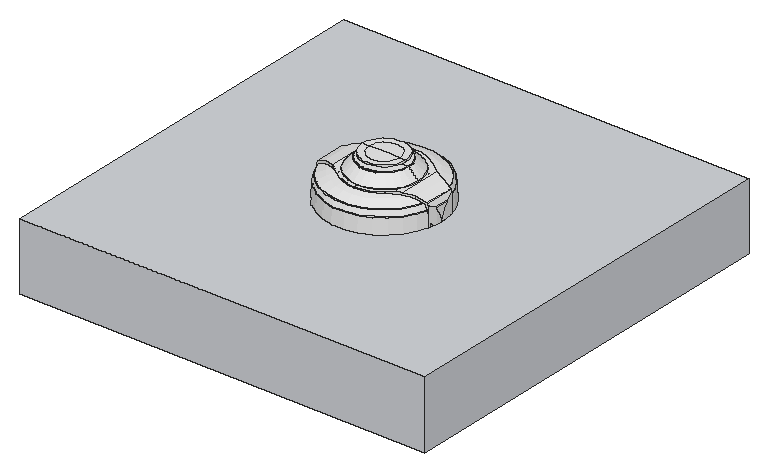
Revit family "B200S-LF-IV.BIM", category Fire Alarm Devices, host Face, Revit 2020
Family settings
  Host = Face
  Maintain Annotation Orientation = Yes
  Round Connector Dimension = Use Diameter
  Part Type = Normal
  OmniClass Number = 23.85.30.21
  OmniClass Title = Environmental Detection/Registration
  Cut with Voids When Loaded = No
  Shared = No
  Room Calculation Point = No
Parameters (values of type "Detector_with_Low_Freq_Sync_Sounder_Base_White")
  Wall Mounted [instance] = no
  URL = "www.firelite.com"
  Standard_Wall [instance] = and(Wall Mounted, Standard Base)  # no
  Standard_Ceiling [instance] = and(Ceiling Mounted, Standard Base)  # no
  Standard Base = no
  Speciality_Ceiling [instance] = and(Ceiling Mounted, Specality Base)  # yes
  Specality_Wall [instance] = and(Wall Mounted, Specality Base)  # no
  Specality Base = yes
  Puck_Wall [instance] = and(Wall Mounted, Puck Base)  # no
  Puck_Ceiling [instance] = and(Ceiling Mounted, Puck Base)  # no
  Puck Base = no
  Mounting Requirements = "Standard 4 inch square, 4 inch octagonal, or single gang electrical box."
  Model = "B200S-LF-IV"
  Manufacturer = "Fire Lite"  # constant formula
  Main Electrical Connection = "Signaling Line Circuit"  # constant formula
  Height = if(Specality Base, 0' 2 9/16", 0' 1 11/16")  # 0' - 2 9/16"
  Finish = Plastic_FireLite_White
  Diameter = if(Puck Base, 0' 4", if(Standard Base, 0' 6", 0' 6 7/8"))  # 0' - 6 7/8"
  Detector Type = "P-CO"  # constant formula
  Description = "Intelligent Plug-In Photo-CO Detector / Low Freq Sounder Base"
  Default Elevation = 6' - 8"
  Ceiling Mounted [instance] = not(Wall Mounted)  # yes
  Base Thickness = if(Specality Base, 0' 1 11/16", 0' 0 7/8")  # 0' - 1 11/16"
  Base Select = DetectorBase-Select_Series : Speciality Base
  Base Label = "LF"
  Assembly Code = "D5030700"
  Agency Listing = "UL"  # constant formula
Reference planes (in)
  plane 1 "Center (Front/Back)": y = 0
  plane 2: z = 0
  plane 3 "Center (Left/Right)": x = 0
  plane 4 "Base Depth": z = 1.6875
  plane 5: x = 0
Forms (in)
  Extrusion 1, solid
    sketch origin (24, -6.72932, 0) x (1, 0, 0) y (0, 1, 0)
      loop
        line (-36, 18.72932) -> (-36, -5.27068) -> (-12, -5.27068) -> (-12, 18.72932) -> (-36, 18.72932)
    from 0 to -4
Lines and regions (in)
  Masking region 1, visible <- "Wall Mounted"
    outline origin (-5.53202, -3.47829, 0) x (1, 0, 0) y (0, 1, 0)
      loop
        circle (5.53047, 3.47791) r 2.11075
  Masking region 2, visible <- "Wall Mounted", not visible
    outline origin (0, 0, 0) x (1, 0, 0) y (0, 1, 0)
      loop
        circle (5.53047, 3.47791) r 2.11075
  Masking region 3, visible <- "Standard_Ceiling"
    outline origin (-15.46141, 0, -26.39682) x (1, 0, 0) y (0, 0, 1)
      loop
        line (18.5344, 26.39682) -> (18.5344, 26.50119) -> (17.48216, 27.19351) -> (16.92543, 27.75024) -> (16.74554, 28.06183) -> (14.18447, 28.06183) -> (14.00507, 27.75122) -> (13.45804, 27.2042) -> (12.38841, 26.50119) -> (12.38841, 26.39682) -> (18.5344, 26.39682)
  Masking region 4, visible <- "Standard Base"
    outline origin (0, -12, 0) x (0, 1, 0) y (0, 0, 1)
      loop
        line (8.927, 0) -> (15.073, 0) -> (15.073, 0.10437) -> (14.05174, 0.7967) -> (13.45781, 1.39064) -> (13.27694, 1.66501) -> (10.72306, 1.66501) -> (10.5633, 1.37724) -> (9.99344, 0.80738) -> (8.927, 0.10437) -> (8.927, 0)
  Masking region 5, visible <- "Standard Base", not visible
    outline origin (0, 0, 0) x (0, 1, 0) y (0, 0, 1)
      loop
        line (8.927, 0) -> (15.073, 0) -> (15.073, 0.10437) -> (14.05174, 0.7967) -> (13.45781, 1.39064) -> (13.27694, 1.66501) -> (10.72306, 1.66501) -> (10.5633, 1.37724) -> (9.99344, 0.80738) -> (8.927, 0.10437) -> (8.927, 0)
  Masking region 6, visible <- "Standard_Wall"
    outline origin (0, 0, 0) x (1, 0, 0) y (0, 1, 0)
      loop
        circle (-0.00155, -0.00039) r 3.0741
  Masking region 7, visible <- "Specality_Wall"
    outline origin (0, 0, 0) x (1, 0, 0) y (0, 1, 0)
      loop
        circle (-0.00155, -0.00039) r 3.42775
  Masking region 8, visible <- "Specality Base"
    outline origin (0, 27.45036, -32.86568) x (0, 1, 0) y (0, 0, 1)
      loop
        line (-24.04835, 32.86568) -> (-24.04835, 33.8153) -> (-24.22768, 34.12578) -> (-24.67998, 34.36368) -> (-25.447, 34.52671) -> (-25.99402, 35.07374) -> (-26.17342, 35.38434) -> (-28.76187, 35.38434) -> (-28.88706, 35.09658) -> (-29.45692, 34.52671) -> (-30.22074, 34.32282) -> (-30.69819, 34.09707) -> (-30.82078, 33.8153) -> (-30.88035, 32.86568) -> (-24.04835, 32.86568)
  Masking region 9, visible <- "Specality Base", not visible
    outline origin (0, 0, 0) x (0, 1, 0) y (0, 0, 1)
      loop
        line (-24.04835, 32.86568) -> (-24.04835, 33.8153) -> (-24.22768, 34.12578) -> (-24.67998, 34.36368) -> (-25.447, 34.52671) -> (-25.99402, 35.07374) -> (-26.17342, 35.38434) -> (-28.76187, 35.38434) -> (-28.88706, 35.09658) -> (-29.45692, 34.52671) -> (-30.22074, 34.32282) -> (-30.69819, 34.09707) -> (-30.82078, 33.8153) -> (-30.88035, 32.86568) -> (-24.04835, 32.86568)
  Masking region 10, visible <- "Speciality_Ceiling"
    outline origin (-12.15283, 0, -40.72634) x (1, 0, 0) y (0, 0, 1)
      loop
        line (15.58124, 40.72775) -> (15.52167, 41.67737) -> (15.39908, 41.95915) -> (14.71166, 42.25094) -> (14.27096, 42.34263) -> (14.15781, 42.38878) -> (13.42819, 43.24641) -> (10.87432, 43.24641) -> (10.14469, 42.38878) -> (9.97762, 42.33469) -> (9.38087, 42.18489) -> (8.88102, 41.9796) -> (8.77242, 41.62224) -> (8.72127, 40.72775) -> (15.58124, 40.72775)
  Masking region 11, visible <- "Speciality_Ceiling", not visible
    outline origin (0, 0, 0) x (1, 0, 0) y (0, 0, 1)
      loop
        line (15.58124, 40.72775) -> (15.52167, 41.67737) -> (15.39908, 41.95915) -> (14.71166, 42.25094) -> (14.27096, 42.34263) -> (14.15781, 42.38878) -> (13.42819, 43.24641) -> (10.87432, 43.24641) -> (10.14469, 42.38878) -> (9.97762, 42.33469) -> (9.38087, 42.18489) -> (8.88102, 41.9796) -> (8.77242, 41.62224) -> (8.72127, 40.72775) -> (15.58124, 40.72775)
  Masking region 12, visible <- "Puck Base"
    outline origin (0, -7.69624, 0.00261) x (0, 1, 0) y (0, 0, 1)
      loop
        line (5.67769, 0) -> (9.68761, 0) -> (9.68761, 0.82534) -> (9.14058, 1.37236) -> (8.96118, 1.68297) -> (6.40731, 1.68297) -> (6.24755, 1.3952) -> (5.67769, 0.82534) -> (5.67769, 0)
  Masking region 13, visible <- "Puck Base", not visible
    outline origin (0, 0, 0) x (0, 1, 0) y (0, 0, 1)
      loop
        line (5.67769, 0) -> (9.68761, 0) -> (9.68761, 0.82534) -> (9.14058, 1.37236) -> (8.96118, 1.68297) -> (6.40731, 1.68297) -> (6.24755, 1.3952) -> (5.67769, 0.82534) -> (5.67769, 0)
  Masking region 14, visible <- "Puck_Ceiling"
    outline origin (7.40824, 0, -0.80829) x (1, 0, 0) y (0, 0, 1)
      loop
        line (-5.40168, 0.80829) -> (-5.40168, 1.63642) -> (-5.94776, 2.18249) -> (-6.00405, 2.18249) -> (-6.00405, 2.21689) -> (-7.13967, 2.21689) -> (-7.13967, 2.41176) -> (-6.13131, 2.41176) -> (-6.13131, 2.49405) -> (-6.54202, 2.49405) -> (-7.15621, 2.51785) -> (-7.72665, 2.51785) -> (-8.30672, 2.49405) -> (-8.68518, 2.49405) -> (-8.68518, 2.41176) -> (-7.67681, 2.41176) -> (-7.67681, 2.21689) -> (-8.81353, 2.21689) -> (-8.81353, 2.18344) -> (-8.86458, 2.18344) -> (-9.4116, 1.63642) -> (-9.4116, 0.80829) -> (-5.40168, 0.80829)
  Masking region 15, visible <- "Puck_Ceiling", not visible
    outline origin (0, 0, -0.82392) x (1, 0, 0) y (0, 0, 1)
      loop
        line (-5.40168, 0.80829) -> (-5.40168, 1.63642) -> (-5.94776, 2.18249) -> (-6.00405, 2.18249) -> (-6.00405, 2.21689) -> (-7.13967, 2.21689) -> (-7.13967, 2.41176) -> (-6.13131, 2.41176) -> (-6.13131, 2.49405) -> (-6.54202, 2.49405) -> (-7.15621, 2.51785) -> (-7.72665, 2.51785) -> (-8.30672, 2.49405) -> (-8.68518, 2.49405) -> (-8.68518, 2.41176) -> (-7.67681, 2.41176) -> (-7.67681, 2.21689) -> (-8.81353, 2.21689) -> (-8.81353, 2.18344) -> (-8.86458, 2.18344) -> (-9.4116, 1.63642) -> (-9.4116, 0.80829) -> (-5.40168, 0.80829)
  symbolic lines, style "0", visible <- "Wall Mounted"
    curve 1: circle (-0.00155, -0.00039, 0) r 2.00967 normal (0, 0, 1)
    curve 2: circle (-0.00155, -0.00039, 0) r 2.11075 normal (0, 0, 1)
    curve 3: circle (-0.00155, -0.00039, 0) r 1.45634 normal (0, 0, 1)
    curve 4: circle (-0.00155, -0.00039, 0) r 1.40529 normal (0, 0, 1)
    curve 5: circle (-0.00155, -0.00039, 0) r 1.27694 normal (0, 0, 1)
  symbolic lines, style "0", visible <- "Wall Mounted", not visible
    curve 6: circle (5.53047, 3.47791, 0) r 2.00967 normal (0, 0, 1)
    curve 7: circle (5.53047, 3.47791, 0) r 2.11075 normal (0, 0, 1)
    curve 8: circle (5.53047, 3.47791, 0) r 1.45634 normal (0, 0, 1)
    curve 9: circle (5.53047, 3.47791, 0) r 1.40529 normal (0, 0, 1)
    curve 10: circle (5.53047, 3.47791, 0) r 1.27694 normal (0, 0, 1)
  symbolic lines, visible <- "Standard_Wall"
    curve 11: circle (0, -0.00039, 0) r 3.073 normal (0, 0, 1)
  symbolic lines, style "0", visible <- "Standard Base"
    curve 12: arc (0, -2.02075, 0.7967) -> (0, -2.52551, 0.41806) -> (0, -3.073, 0.10437) r 5.12142
    curve 13: arc (0, 3.073, 0.10437) -> (0, 2.52551, 0.41806) -> (0, 2.02075, 0.7967) r 5.12142
    curve 14: arc (0, 2.00656, 0.80738) -> (0, 1.72117, 1.07055) -> (0, 1.45634, 1.3544) r 5.16892
    curve 15: arc (0, 0, 1.69084) -> (0, 0.44942, 1.68438) -> (0, 0.89848, 1.66501) r 15.63962
    curve 16: arc (0, -1.45634, 1.3544) -> (0, -1.72117, 1.07055) -> (0, -2.00656, 0.80738) r 5.16892
    curve 17: arc (0, -0.89848, 1.66501) -> (0, -0.44942, 1.68438) -> (0, 0, 1.69084) r 15.63962
    curve 18: line (0, 3.073, 0.10437) -> (0, 3.073, 0)
    curve 19: line (0, 3.073, 0) -> (0, 0, 0)
    curve 20: line (0, 0, 0) -> (0, -3.073, 0)
    curve 21: line (0, -3.073, 0) -> (0, -3.073, 0.10437)
    curve 22: line (0, -2.02075, 0.7967) -> (0, 0, 0.7967)
    curve 23: line (0, 0, 0.7967) -> (0, 2.02075, 0.7967)
    curve 24: line (0, -1.45634, 1.3544) -> (0, -1.40529, 1.3544)
    curve 25: line (0, -1.40529, 1.3544) -> (0, -1.40529, 1.38785)
    curve 26: line (0, -1.40529, 1.38785) -> (0, 0, 1.38785)
    curve 27: line (0, 0, 1.38785) -> (0, 1.40529, 1.38785)
    curve 28: line (0, 1.40529, 1.38785) -> (0, 1.40529, 1.3544)
    curve 29: line (0, 1.40529, 1.3544) -> (0, 1.45634, 1.3544)
    curve 30: line (0, -0.26857, 1.38785) -> (0, -0.26857, 1.58272)
    curve 31: line (0, -0.26857, 1.58272) -> (0, -1.27694, 1.58272)
    curve 32: line (0, -1.27694, 1.58272) -> (0, -1.27694, 1.66501)
    curve 33: line (0, -1.27694, 1.66501) -> (0, -0.89848, 1.66501)
    curve 34: line (0, -0.89848, 1.66501) -> (0, 0.89848, 1.66501)
    curve 35: line (0, 0.89848, 1.66501) -> (0, 1.27694, 1.66501)
    curve 36: line (0, 1.27694, 1.66501) -> (0, 1.27694, 1.58272)
    curve 37: line (0, 1.27694, 1.58272) -> (0, 0.26857, 1.58272)
    curve 38: line (0, 0.26857, 1.58272) -> (0, 0.26857, 1.38785)
    curve 39: line (0, 2.00656, 0.80738) -> (0, -2.00656, 0.80738)
    curve 40: line (0, 1.40529, 1.3544) -> (0, -1.40529, 1.3544)
    curve 41: line (0, 0.26857, 1.58272) -> (0, -0.26857, 1.58272)
  symbolic lines, style "0", visible <- "Standard Base", not visible
    curve 42: arc (0, 9.97925, 0.7967) -> (0, 9.47449, 0.41806) -> (0, 8.927, 0.10437) r 5.12142
    curve 43: arc (0, 15.073, 0.10437) -> (0, 14.52551, 0.41806) -> (0, 14.02075, 0.7967) r 5.12142
    curve 44: arc (0, 14.00656, 0.80738) -> (0, 13.72117, 1.07055) -> (0, 13.45634, 1.3544) r 5.16892
    curve 45: arc (0, 12, 1.69084) -> (0, 12.44942, 1.68438) -> (0, 12.89848, 1.66501) r 15.63962
    curve 46: arc (0, 10.54366, 1.3544) -> (0, 10.27883, 1.07055) -> (0, 9.99344, 0.80738) r 5.16892
    curve 47: arc (0, 11.10152, 1.66501) -> (0, 11.55058, 1.68438) -> (0, 12, 1.69084) r 15.63962
    curve 48: line (0, 15.073, 0.10437) -> (0, 15.073, 0)
    curve 49: line (0, 15.073, 0) -> (0, 12, 0)
    curve 50: line (0, 12, 0) -> (0, 8.927, 0)
    curve 51: line (0, 8.927, 0) -> (0, 8.927, 0.10437)
    curve 52: line (0, 9.97925, 0.7967) -> (0, 12, 0.7967)
    curve 53: line (0, 12, 0.7967) -> (0, 14.02075, 0.7967)
    curve 54: line (0, 10.54366, 1.3544) -> (0, 10.59471, 1.3544)
    curve 55: line (0, 10.59471, 1.3544) -> (0, 10.59471, 1.38785)
    curve 56: line (0, 10.59471, 1.38785) -> (0, 12, 1.38785)
    curve 57: line (0, 12, 1.38785) -> (0, 13.40529, 1.38785)
    curve 58: line (0, 13.40529, 1.38785) -> (0, 13.40529, 1.3544)
    curve 59: line (0, 13.40529, 1.3544) -> (0, 13.45634, 1.3544)
    curve 60: line (0, 11.73143, 1.38785) -> (0, 11.73143, 1.58272)
    curve 61: line (0, 11.73143, 1.58272) -> (0, 10.72306, 1.58272)
    curve 62: line (0, 10.72306, 1.58272) -> (0, 10.72306, 1.66501)
    curve 63: line (0, 10.72306, 1.66501) -> (0, 11.10152, 1.66501)
    curve 64: line (0, 11.10152, 1.66501) -> (0, 12.89848, 1.66501)
    curve 65: line (0, 12.89848, 1.66501) -> (0, 13.27694, 1.66501)
    curve 66: line (0, 13.27694, 1.66501) -> (0, 13.27694, 1.58272)
    curve 67: line (0, 13.27694, 1.58272) -> (0, 12.26857, 1.58272)
    curve 68: line (0, 12.26857, 1.58272) -> (0, 12.26857, 1.38785)
    curve 69: line (0, 14.00656, 0.80738) -> (0, 9.99344, 0.80738)
    curve 70: line (0, 13.40529, 1.3544) -> (0, 10.59471, 1.3544)
    curve 71: line (0, 12.26857, 1.58272) -> (0, 11.73143, 1.58272)
  symbolic lines, style "0", visible <- "Standard_Ceiling"
    curve 72: arc (2.02075, 0, 0.7967) -> (2.52551, 0, 0.41806) -> (3.073, 0, 0.10437) r 5.12142
    curve 73: arc (-3.073, 0, 0.10437) -> (-2.52551, 0, 0.41806) -> (-2.02075, 0, 0.7967) r 5.12142
    curve 74: arc (-2.00656, 0, 0.80738) -> (-1.72117, 0, 1.07055) -> (-1.45634, 0, 1.3544) r 5.16892
    curve 75: arc (0, 0, 1.69084) -> (-0.44942, 0, 1.68438) -> (-0.89848, 0, 1.66501) r 15.63962
    curve 76: arc (1.45634, 0, 1.3544) -> (1.72117, 0, 1.07055) -> (2.00656, 0, 0.80738) r 5.16892
    curve 77: arc (0.89848, 0, 1.66501) -> (0.44942, 0, 1.68438) -> (0, 0, 1.69084) r 15.63962
    curve 78: line (-3.073, 0, 0.10437) -> (-3.073, 0, 0)
    curve 79: line (-3.073, 0, 0) -> (0, 0, 0)
    curve 80: line (0, 0, 0) -> (3.073, 0, 0)
    curve 81: line (3.073, 0, 0) -> (3.073, 0, 0.10437)
    curve 82: line (2.02075, 0, 0.7967) -> (0, 0, 0.7967)
    curve 83: line (0, 0, 0.7967) -> (-2.02075, 0, 0.7967)
    curve 84: line (1.45634, 0, 1.3544) -> (1.40529, 0, 1.3544)
    curve 85: line (1.40529, 0, 1.3544) -> (1.40529, 0, 1.38785)
    curve 86: line (1.40529, 0, 1.38785) -> (0, 0, 1.38785)
    curve 87: line (0, 0, 1.38785) -> (-1.40529, 0, 1.38785)
    curve 88: line (-1.40529, 0, 1.38785) -> (-1.40529, 0, 1.3544)
    curve 89: line (-1.40529, 0, 1.3544) -> (-1.45634, 0, 1.3544)
    curve 90: line (0.26857, 0, 1.38785) -> (0.26857, 0, 1.58272)
    curve 91: line (0.26857, 0, 1.58272) -> (1.27694, 0, 1.58272)
    curve 92: line (1.27694, 0, 1.58272) -> (1.27694, 0, 1.66501)
    curve 93: line (1.27694, 0, 1.66501) -> (0.89848, 0, 1.66501)
    curve 94: line (0.89848, 0, 1.66501) -> (-0.89848, 0, 1.66501)
    curve 95: line (-0.89848, 0, 1.66501) -> (-1.27694, 0, 1.66501)
    curve 96: line (-1.27694, 0, 1.66501) -> (-1.27694, 0, 1.58272)
    curve 97: line (-1.27694, 0, 1.58272) -> (-0.26857, 0, 1.58272)
    curve 98: line (-0.26857, 0, 1.58272) -> (-0.26857, 0, 1.38785)
    curve 99: line (-2.00656, 0, 0.80738) -> (2.00656, 0, 0.80738)
    curve 100: line (-1.40529, 0, 1.3544) -> (1.40529, 0, 1.3544)
    curve 101: line (-0.26857, 0, 1.58272) -> (0.26857, 0, 1.58272)
  symbolic lines, style "0", visible <- "Specality_Wall"
    curve 102: circle (-0.00155, -0.00039, 0) r 2.00967 normal (0, 0, 1)
    curve 103: circle (-0.00155, -0.00039, 0) r 3.42775 normal (0, 0, 1)
    curve 104: circle (-0.00155, -0.00039, 0) r 3.38081 normal (0, 0, 1)
    curve 105: circle (-0.00155, -0.00039, 0) r 3.25078 normal (0, 0, 1)
    curve 106: circle (-0.00155, -0.00039, 0) r 2.11075 normal (0, 0, 1)
    curve 107: arc (0.85813, 3.31781, 0) -> (1.17522, 2.32061, 0) -> (1.72456, 1.43, 0) r 4.28478
    curve 108: arc (2.2402, -0.00039, 0) -> (2.10736, 0.75986, 0) -> (1.72456, 1.43, 0) r 2.24176
    curve 109: arc (1.72456, -1.43078, 0) -> (1.17522, -2.32139, 0) -> (0.85813, -3.31859, 0) r 4.28478
    curve 110: arc (1.72456, -1.43078, 0) -> (2.10736, -0.76064, 0) -> (2.2402, -0.00039, 0) r 2.24176
    curve 111: arc (3.01297, -0.00039, 0) -> (2.74961, 1.23188, 0) -> (2.00553, 2.24883, 0) r 3.01453
    curve 112: arc (2.93101, -0.00039, 0) -> (2.67346, 1.20139, 0) -> (1.94603, 2.19207, 0) r 2.93257
    curve 113: arc (2.76294, -0.00039, 0) -> (2.55291, 1.05655, 0) -> (1.95474, 1.9529, 0) r 2.76449
    curve 114: arc (2.68098, -0.00039, 0) -> (2.47573, 1.0287, 0) -> (1.89141, 1.90031, 0) r 2.68253
    curve 115: arc (2.51356, -0.00039, 0) -> (2.35974, 0.86568, 0) -> (1.91711, 1.62581, 0) r 2.51511
    curve 116: arc (2.4316, -0.00039, 0) -> (2.28149, 0.84101, 0) -> (1.84968, 1.57858, 0) r 2.43315
    curve 117: arc (2.00553, -2.24961, 0) -> (2.74961, -1.23266, 0) -> (3.01297, -0.00039, 0) r 3.01453
    curve 118: arc (1.94603, -2.19284, 0) -> (2.67346, -1.20216, 0) -> (2.93101, -0.00039, 0) r 2.93257
    curve 119: arc (1.95474, -1.95368, 0) -> (2.55291, -1.05733, 0) -> (2.76294, -0.00039, 0) r 2.76449
    curve 120: arc (1.89141, -1.90109, 0) -> (2.47573, -1.02948, 0) -> (2.68098, -0.00039, 0) r 2.68253
    curve 121: arc (1.91711, -1.62659, 0) -> (2.35974, -0.86646, 0) -> (2.51356, -0.00039, 0) r 2.51511
    curve 122: arc (1.84968, -1.57936, 0) -> (2.28149, -0.84178, 0) -> (2.4316, -0.00039, 0) r 2.43315
    curve 123: arc (-2.00863, 2.24883, 0) -> (-2.75271, 1.23188, 0) -> (-3.01608, -0.00039, 0) r 3.01453
    curve 124: arc (-1.94914, 2.19207, 0) -> (-2.67656, 1.20139, 0) -> (-2.93412, -0.00039, 0) r 2.93257
    curve 125: arc (-1.95785, 1.9529, 0) -> (-2.55602, 1.05655, 0) -> (-2.76604, -0.00039, 0) r 2.76449
    curve 126: arc (-1.89451, 1.90031, 0) -> (-2.47884, 1.0287, 0) -> (-2.68408, -0.00039, 0) r 2.68253
    curve 127: arc (-1.92021, 1.62581, 0) -> (-2.36285, 0.86568, 0) -> (-2.51667, -0.00039, 0) r 2.51511
    curve 128: arc (-1.85279, 1.57858, 0) -> (-2.2846, 0.84101, 0) -> (-2.43471, -0.00039, 0) r 2.43315
    curve 129: arc (-3.01608, -0.00039, 0) -> (-2.75271, -1.23266, 0) -> (-2.00863, -2.24961, 0) r 3.01453
    curve 130: arc (-2.93412, -0.00039, 0) -> (-2.67656, -1.20216, 0) -> (-1.94914, -2.19284, 0) r 2.93257
    curve 131: arc (-2.76604, -0.00039, 0) -> (-2.55602, -1.05733, 0) -> (-1.95785, -1.95368, 0) r 2.76449
    curve 132: arc (-2.68408, -0.00039, 0) -> (-2.47884, -1.02948, 0) -> (-1.89451, -1.90109, 0) r 2.68253
    curve 133: arc (-2.51667, -0.00039, 0) -> (-2.36285, -0.86646, 0) -> (-1.92021, -1.62659, 0) r 2.51511
    curve 134: arc (-2.43471, -0.00039, 0) -> (-2.2846, -0.84178, 0) -> (-1.85279, -1.57936, 0) r 2.43315
    curve 135: line (1.84968, 1.57858, 0) -> (1.91711, 1.62581, 0)
    curve 136: line (1.89141, 1.90031, 0) -> (1.95474, 1.9529, 0)
    curve 137: line (1.94603, 2.19207, 0) -> (2.00553, 2.24883, 0)
    curve 138: line (1.84968, -1.57936, 0) -> (1.91711, -1.62659, 0)
    curve 139: line (1.89141, -1.90109, 0) -> (1.95474, -1.95368, 0)
    curve 140: line (1.94603, -2.19284, 0) -> (2.00553, -2.24961, 0)
    curve 141: line (-1.85279, 1.57858, 0) -> (-1.92021, 1.62581, 0)
    curve 142: line (-1.89451, 1.90031, 0) -> (-1.95785, 1.9529, 0)
    curve 143: line (-1.94914, 2.19207, 0) -> (-2.00863, 2.24883, 0)
    curve 144: line (-1.85279, -1.57936, 0) -> (-1.92021, -1.62659, 0)
    curve 145: line (-1.89451, -1.90109, 0) -> (-1.95785, -1.95368, 0)
    curve 146: line (-1.94914, -2.19284, 0) -> (-2.00863, -2.24961, 0)
    curve 147: arc (-1.72767, 1.43, 0) -> (-1.17833, 2.32061, 0) -> (-0.86124, 3.31781, 0) r 4.28478
    curve 148: arc (-1.72767, 1.43, 0) -> (-2.11046, 0.75986, 0) -> (-2.24331, -0.00039, 0) r 2.24176
    curve 149: arc (-0.86124, -3.31859, 0) -> (-1.17833, -2.32139, 0) -> (-1.72767, -1.43078, 0) r 4.28478
    curve 150: arc (-2.24331, -0.00039, 0) -> (-2.11046, -0.76064, 0) -> (-1.72767, -1.43078, 0) r 2.24176
    curve 151: circle (-0.00155, -0.00039, 0) r 1.45634 normal (0, 0, 1)
    curve 152: circle (-0.00155, -0.00039, 0) r 1.40529 normal (0, 0, 1)
    curve 153: circle (-0.00155, -0.00039, 0) r 1.27694 normal (0, 0, 1)
  symbolic lines, style "0", visible <- "Specality_Wall", not visible
    curve 154: circle (6.19169, 5.69951, 0) r 2.00967 normal (0, 0, 1)
    curve 155: circle (6.19169, 5.69951, 0) r 3.42775 normal (0, 0, 1)
    curve 156: circle (6.19169, 5.69951, 0) r 3.38081 normal (0, 0, 1)
    curve 157: circle (6.19169, 5.69951, 0) r 3.25078 normal (0, 0, 1)
    curve 158: circle (6.19169, 5.69951, 0) r 2.11075 normal (0, 0, 1)
    curve 159: arc (7.05137, 9.01771, 0) -> (7.36846, 8.02051, 0) -> (7.9178, 7.1299, 0) r 4.28478
    curve 160: arc (8.43345, 5.69951, 0) -> (8.3006, 6.45976, 0) -> (7.9178, 7.1299, 0) r 2.24176
    curve 161: arc (7.9178, 4.26912, 0) -> (7.36846, 3.37851, 0) -> (7.05137, 2.38131, 0) r 4.28478
    curve 162: arc (7.9178, 4.26912, 0) -> (8.3006, 4.93926, 0) -> (8.43345, 5.69951, 0) r 2.24176
    curve 163: arc (9.20622, 5.69951, 0) -> (8.94285, 6.93178, 0) -> (8.19877, 7.94873, 0) r 3.01453
    curve 164: arc (9.12426, 5.69951, 0) -> (8.8667, 6.90128, 0) -> (8.13928, 7.89196, 0) r 2.93257
    curve 165: arc (8.95618, 5.69951, 0) -> (8.74615, 6.75645, 0) -> (8.14798, 7.6528, 0) r 2.76449
    curve 166: arc (8.87422, 5.69951, 0) -> (8.66898, 6.7286, 0) -> (8.08465, 7.60021, 0) r 2.68253
    curve 167: arc (8.7068, 5.69951, 0) -> (8.55299, 6.56558, 0) -> (8.11035, 7.32571, 0) r 2.51511
    curve 168: arc (8.62484, 5.69951, 0) -> (8.47473, 6.5409, 0) -> (8.04293, 7.27848, 0) r 2.43315
    curve 169: arc (8.19877, 3.45029, 0) -> (8.94285, 4.46724, 0) -> (9.20622, 5.69951, 0) r 3.01453
    curve 170: arc (8.13928, 3.50706, 0) -> (8.8667, 4.49774, 0) -> (9.12426, 5.69951, 0) r 2.93257
    curve 171: arc (8.14798, 3.74622, 0) -> (8.74615, 4.64257, 0) -> (8.95618, 5.69951, 0) r 2.76449
    curve 172: arc (8.08465, 3.79881, 0) -> (8.66898, 4.67042, 0) -> (8.87422, 5.69951, 0) r 2.68253
    curve 173: arc (8.11035, 4.07331, 0) -> (8.55299, 4.83344, 0) -> (8.7068, 5.69951, 0) r 2.51511
    curve 174: arc (8.04293, 4.12054, 0) -> (8.47473, 4.85812, 0) -> (8.62484, 5.69951, 0) r 2.43315
    curve 175: arc (4.18461, 7.94873, 0) -> (3.44053, 6.93178, 0) -> (3.17716, 5.69951, 0) r 3.01453
    curve 176: arc (4.24411, 7.89196, 0) -> (3.51668, 6.90128, 0) -> (3.25912, 5.69951, 0) r 2.93257
    curve 177: arc (4.2354, 7.6528, 0) -> (3.63723, 6.75645, 0) -> (3.4272, 5.69951, 0) r 2.76449
    curve 178: arc (4.29873, 7.60021, 0) -> (3.7144, 6.7286, 0) -> (3.50916, 5.69951, 0) r 2.68253
    curve 179: arc (4.27303, 7.32571, 0) -> (3.8304, 6.56558, 0) -> (3.67658, 5.69951, 0) r 2.51511
    curve 180: arc (4.34045, 7.27848, 0) -> (3.90865, 6.5409, 0) -> (3.75854, 5.69951, 0) r 2.43315
    curve 181: arc (3.17716, 5.69951, 0) -> (3.44053, 4.46724, 0) -> (4.18461, 3.45029, 0) r 3.01453
    curve 182: arc (3.25912, 5.69951, 0) -> (3.51668, 4.49774, 0) -> (4.24411, 3.50706, 0) r 2.93257
    curve 183: arc (3.4272, 5.69951, 0) -> (3.63723, 4.64257, 0) -> (4.2354, 3.74622, 0) r 2.76449
    curve 184: arc (3.50916, 5.69951, 0) -> (3.7144, 4.67042, 0) -> (4.29873, 3.79881, 0) r 2.68253
    curve 185: arc (3.67658, 5.69951, 0) -> (3.8304, 4.83344, 0) -> (4.27303, 4.07331, 0) r 2.51511
    curve 186: arc (3.75854, 5.69951, 0) -> (3.90865, 4.85812, 0) -> (4.34045, 4.12054, 0) r 2.43315
    curve 187: line (8.04293, 7.27848, 0) -> (8.11035, 7.32571, 0)
    curve 188: line (8.08465, 7.60021, 0) -> (8.14798, 7.6528, 0)
    curve 189: line (8.13928, 7.89196, 0) -> (8.19877, 7.94873, 0)
    curve 190: line (8.04293, 4.12054, 0) -> (8.11035, 4.07331, 0)
    curve 191: line (8.08465, 3.79881, 0) -> (8.14798, 3.74622, 0)
    curve 192: line (8.13928, 3.50706, 0) -> (8.19877, 3.45029, 0)
    curve 193: line (4.34045, 7.27848, 0) -> (4.27303, 7.32571, 0)
    curve 194: line (4.29873, 7.60021, 0) -> (4.2354, 7.6528, 0)
    curve 195: line (4.24411, 7.89196, 0) -> (4.18461, 7.94873, 0)
    curve 196: line (4.34045, 4.12054, 0) -> (4.27303, 4.07331, 0)
    curve 197: line (4.29873, 3.79881, 0) -> (4.2354, 3.74622, 0)
    curve 198: line (4.24411, 3.50706, 0) -> (4.18461, 3.45029, 0)
    curve 199: arc (4.46558, 7.1299, 0) -> (5.01492, 8.02051, 0) -> (5.33201, 9.01771, 0) r 4.28478
    curve 200: arc (4.46558, 7.1299, 0) -> (4.08278, 6.45976, 0) -> (3.94993, 5.69951, 0) r 2.24176
    curve 201: arc (5.33201, 2.38131, 0) -> (5.01492, 3.37851, 0) -> (4.46558, 4.26912, 0) r 4.28478
    curve 202: arc (3.94993, 5.69951, 0) -> (4.08278, 4.93926, 0) -> (4.46558, 4.26912, 0) r 2.24176
    curve 203: circle (6.19169, 5.69951, 0) r 1.45634 normal (0, 0, 1)
    curve 204: circle (6.19169, 5.69951, 0) r 1.40529 normal (0, 0, 1)
    curve 205: circle (6.19169, 5.69951, 0) r 1.27694 normal (0, 0, 1)
  symbolic lines, style "0", visible <- "Specality Base"
    curve 206: arc (0, -3.21481, 1.26422) -> (0, -2.68235, 1.48667) -> (0, -2.11971, 1.61488) r 3.36539
    curve 207: arc (0, -1.70364, 1.59551) -> (0, -1.42134, 1.57373) -> (0, -1.14854, 1.49794) r 1.46181
    curve 208: arc (0, -1.14854, 1.49794) -> (0, -1.00103, 1.39159) -> (0, -0.90294, 1.23847) r 0.48588
    curve 209: arc (0, 3.21481, 1.26422) -> (0, 2.68235, 1.48667) -> (0, 2.11971, 1.61488) r 3.36539
    curve 210: arc (0, 1.70364, 1.59551) -> (0, 1.42134, 1.57373) -> (0, 1.14854, 1.49794) r 1.46181
    curve 211: arc (0, 1.14854, 1.49794) -> (0, 1.00103, 1.39159) -> (0, 0.90294, 1.23847) r 0.48588
    curve 212: arc (0, 2.00656, 1.66103) -> (0, 1.72117, 1.9242) -> (0, 1.45634, 2.20805) r 5.16892
    curve 213: arc (0, 0, 2.54449) -> (0, 0.44942, 2.53803) -> (0, 0.89848, 2.51866) r 15.63962
    curve 214: arc (0, -1.45634, 2.20805) -> (0, -1.72117, 1.9242) -> (0, -2.00656, 1.66103) r 5.16892
    curve 215: arc (0, -0.89848, 2.51866) -> (0, -0.44942, 2.53803) -> (0, 0, 2.54449) r 15.63962
    curve 216: line (0, 3.21481, 1.26422) -> (0, 3.24783, 1.23139)
    curve 217: line (0, 3.24783, 1.23139) -> (0, 3.37042, 0.94961)
    curve 218: line (0, 3.37042, 0.94961) -> (0, 3.37883, 0.89449)
    curve 219: line (0, 3.37883, 0.89449) -> (0, 3.42999, 0)
    curve 220: line (0, 3.42999, 0) -> (0, 0, 0)
    curve 221: line (0, 0, 0) -> (0, -3.42999, 0)
    curve 222: line (0, -3.42999, 0) -> (0, -3.37883, 0.89449)
    curve 223: line (0, -3.37883, 0.89449) -> (0, -3.37042, 0.94961)
    curve 224: line (0, -3.37042, 0.94961) -> (0, -3.24783, 1.23139)
    curve 225: line (0, -3.24783, 1.23139) -> (0, -3.21481, 1.26422)
    curve 226: line (0, -2.11971, 1.61488) -> (0, 0, 1.61488)
    curve 227: line (0, 0, 1.61488) -> (0, 2.11971, 1.61488)
    curve 228: line (0, -2.24232, 1.59551) -> (0, -1.70364, 1.59551)
    curve 229: line (0, -0.90294, 1.23847) -> (0, -0.86987, 0.89863)
    curve 230: line (0, -0.86987, 0.89863) -> (0, -0.86087, 0)
    curve 231: line (0, -3.01847, 1.35887) -> (0, -2.00893, 1.35887)
    curve 232: line (0, -2.00893, 1.35887) -> (0, -1.9491, 1.39378)
    curve 233: line (0, -1.9491, 1.39378) -> (0, -2.93672, 1.39378)
    curve 234: line (0, -2.77038, 1.45713) -> (0, -1.95849, 1.45713)
    curve 235: line (0, -1.95849, 1.45713) -> (0, -1.89602, 1.48477)
    curve 236: line (0, -1.89602, 1.48477) -> (0, -2.68827, 1.48477)
    curve 237: line (0, -2.52073, 1.53399) -> (0, -1.91879, 1.53399)
    curve 238: line (0, -1.91879, 1.53399) -> (0, -1.85593, 1.55343)
    curve 239: line (0, -1.85593, 1.55343) -> (0, -2.44401, 1.55343)
    curve 240: line (0, -3.37042, 0.94961) -> (0, 0, 0.94961)
    curve 241: line (0, 0, 0.94961) -> (0, 3.37042, 0.94961)
    curve 242: line (0, -3.24783, 1.23139) -> (0, 0, 1.23139)
    curve 243: line (0, 0, 1.23139) -> (0, 3.24783, 1.23139)
    curve 244: line (0, 2.24232, 1.59551) -> (0, 1.70364, 1.59551)
    curve 245: line (0, 0.90294, 1.23847) -> (0, 0.86987, 0.89863)
    curve 246: line (0, 0.86987, 0.89863) -> (0, 0.86087, 0)
    curve 247: line (0, 3.01847, 1.35887) -> (0, 2.00893, 1.35887)
    curve 248: line (0, 2.00893, 1.35887) -> (0, 1.9491, 1.39378)
    curve 249: line (0, 1.9491, 1.39378) -> (0, 2.93672, 1.39378)
    curve 250: line (0, 2.77038, 1.45713) -> (0, 1.95849, 1.45713)
    curve 251: line (0, 1.95849, 1.45713) -> (0, 1.89602, 1.48477)
    curve 252: line (0, 1.89602, 1.48477) -> (0, 2.68827, 1.48477)
    curve 253: line (0, 2.52073, 1.53399) -> (0, 1.91879, 1.53399)
    curve 254: line (0, 1.91879, 1.53399) -> (0, 1.85593, 1.55343)
    curve 255: line (0, 1.85593, 1.55343) -> (0, 2.44401, 1.55343)
    curve 256: line (0, -1.45634, 2.20805) -> (0, -1.40529, 2.20805)
    curve 257: line (0, -1.40529, 2.20805) -> (0, -1.40529, 2.2415)
    curve 258: line (0, -1.40529, 2.2415) -> (0, 0, 2.2415)
    curve 259: line (0, 0, 2.2415) -> (0, 1.40529, 2.2415)
    curve 260: line (0, 1.40529, 2.2415) -> (0, 1.40529, 2.20805)
    curve 261: line (0, 1.40529, 2.20805) -> (0, 1.45634, 2.20805)
    curve 262: line (0, -0.26857, 2.2415) -> (0, -0.26857, 2.43637)
    curve 263: line (0, -0.26857, 2.43637) -> (0, -1.27694, 2.43637)
    curve 264: line (0, -1.27694, 2.43637) -> (0, -1.27694, 2.51866)
    curve 265: line (0, -1.27694, 2.51866) -> (0, -0.89848, 2.51866)
    curve 266: line (0, -0.89848, 2.51866) -> (0, 0.89848, 2.51866)
    curve 267: line (0, 0.89848, 2.51866) -> (0, 1.27694, 2.51866)
    curve 268: line (0, 1.27694, 2.51866) -> (0, 1.27694, 2.43637)
    curve 269: line (0, 1.27694, 2.43637) -> (0, 0.26857, 2.43637)
    curve 270: line (0, 0.26857, 2.43637) -> (0, 0.26857, 2.2415)
    curve 271: line (0, 0, 1.61488) -> (0, 2.00656, 1.61488)
    curve 272: line (0, 2.00656, 1.61488) -> (0, 2.00656, 1.66103)
    curve 273: line (0, 2.00656, 1.66103) -> (0, -2.00656, 1.66103)
    curve 274: line (0, -2.00656, 1.66103) -> (0, -2.00656, 1.61488)
    curve 275: line (0, -2.00656, 1.61488) -> (0, 0, 1.61488)
    curve 276: line (0, 1.40529, 2.20805) -> (0, -1.40529, 2.20805)
    curve 277: line (0, 0.26857, 2.43637) -> (0, -0.26857, 2.43637)
  symbolic lines, style "0", visible <- "Specality Base", not visible
    curve 278: arc (0, -30.66517, 34.12991) -> (0, -30.13271, 34.35235) -> (0, -29.57007, 34.48056) r 3.36539
    curve 279: arc (0, -29.154, 34.46119) -> (0, -28.8717, 34.43941) -> (0, -28.5989, 34.36362) r 1.46181
    curve 280: arc (0, -28.5989, 34.36362) -> (0, -28.45139, 34.25728) -> (0, -28.3533, 34.10415) r 0.48588
    curve 281: arc (0, -24.23555, 34.12991) -> (0, -24.76801, 34.35235) -> (0, -25.33065, 34.48056) r 3.36539
    curve 282: arc (0, -25.74672, 34.46119) -> (0, -26.02902, 34.43941) -> (0, -26.30182, 34.36362) r 1.46181
    curve 283: arc (0, -26.30182, 34.36362) -> (0, -26.44933, 34.25728) -> (0, -26.54742, 34.10415) r 0.48588
    curve 284: arc (0, -25.4438, 34.52671) -> (0, -25.72919, 34.78989) -> (0, -25.99402, 35.07374) r 5.16892
    curve 285: arc (0, -27.45036, 35.41017) -> (0, -27.00094, 35.40371) -> (0, -26.55188, 35.38434) r 15.63962
    curve 286: arc (0, -28.9067, 35.07374) -> (0, -29.17153, 34.78989) -> (0, -29.45692, 34.52671) r 5.16892
    curve 287: arc (0, -28.34884, 35.38434) -> (0, -27.89979, 35.40371) -> (0, -27.45036, 35.41017) r 15.63962
    curve 288: line (0, -24.23555, 34.12991) -> (0, -24.20253, 34.09707)
    curve 289: line (0, -24.20253, 34.09707) -> (0, -24.07994, 33.8153)
    curve 290: line (0, -24.07994, 33.8153) -> (0, -24.07153, 33.76017)
    curve 291: line (0, -24.07153, 33.76017) -> (0, -24.02037, 32.86568)
    curve 292: line (0, -24.02037, 32.86568) -> (0, -27.45036, 32.86568)
    curve 293: line (0, -27.45036, 32.86568) -> (0, -30.88035, 32.86568)
    curve 294: line (0, -30.88035, 32.86568) -> (0, -30.82919, 33.76017)
    curve 295: line (0, -30.82919, 33.76017) -> (0, -30.82078, 33.8153)
    curve 296: line (0, -30.82078, 33.8153) -> (0, -30.69819, 34.09707)
    curve 297: line (0, -30.69819, 34.09707) -> (0, -30.66517, 34.12991)
    curve 298: line (0, -29.57007, 34.48056) -> (0, -27.45036, 34.48056)
    curve 299: line (0, -27.45036, 34.48056) -> (0, -25.33065, 34.48056)
    curve 300: line (0, -29.69268, 34.46119) -> (0, -29.154, 34.46119)
    curve 301: line (0, -28.3533, 34.10415) -> (0, -28.32023, 33.76432)
    curve 302: line (0, -28.32023, 33.76432) -> (0, -28.31123, 32.86568)
    curve 303: line (0, -30.46883, 34.22455) -> (0, -29.45929, 34.22455)
    curve 304: line (0, -29.45929, 34.22455) -> (0, -29.39946, 34.25946)
    curve 305: line (0, -29.39946, 34.25946) -> (0, -30.38708, 34.25946)
    curve 306: line (0, -30.22074, 34.32282) -> (0, -29.40886, 34.32282)
    curve 307: line (0, -29.40886, 34.32282) -> (0, -29.34638, 34.35045)
    curve 308: line (0, -29.34638, 34.35045) -> (0, -30.13863, 34.35045)
    curve 309: line (0, -29.97109, 34.39968) -> (0, -29.36915, 34.39968)
    curve 310: line (0, -29.36915, 34.39968) -> (0, -29.30629, 34.41911)
    curve 311: line (0, -29.30629, 34.41911) -> (0, -29.89437, 34.41911)
    curve 312: line (0, -30.82078, 33.8153) -> (0, -27.45036, 33.8153)
    curve 313: line (0, -27.45036, 33.8153) -> (0, -24.07994, 33.8153)
    curve 314: line (0, -30.69819, 34.09707) -> (0, -27.45036, 34.09707)
    curve 315: line (0, -27.45036, 34.09707) -> (0, -24.20253, 34.09707)
    curve 316: line (0, -25.20804, 34.46119) -> (0, -25.74672, 34.46119)
    curve 317: line (0, -26.54742, 34.10415) -> (0, -26.58049, 33.76432)
    curve 318: line (0, -26.58049, 33.76432) -> (0, -26.58949, 32.86568)
    curve 319: line (0, -24.43189, 34.22455) -> (0, -25.44144, 34.22455)
    curve 320: line (0, -25.44144, 34.22455) -> (0, -25.50126, 34.25946)
    curve 321: line (0, -25.50126, 34.25946) -> (0, -24.51364, 34.25946)
    curve 322: line (0, -24.67998, 34.32282) -> (0, -25.49187, 34.32282)
    curve 323: line (0, -25.49187, 34.32282) -> (0, -25.55434, 34.35045)
    curve 324: line (0, -25.55434, 34.35045) -> (0, -24.76209, 34.35045)
    curve 325: line (0, -24.92963, 34.39968) -> (0, -25.53157, 34.39968)
    curve 326: line (0, -25.53157, 34.39968) -> (0, -25.59443, 34.41911)
    curve 327: line (0, -25.59443, 34.41911) -> (0, -25.00635, 34.41911)
    curve 328: line (0, -28.9067, 35.07374) -> (0, -28.85565, 35.07374)
    curve 329: line (0, -28.85565, 35.07374) -> (0, -28.85565, 35.10719)
    curve 330: line (0, -28.85565, 35.10719) -> (0, -27.45036, 35.10719)
    curve 331: line (0, -27.45036, 35.10719) -> (0, -26.04507, 35.10719)
    curve 332: line (0, -26.04507, 35.10719) -> (0, -26.04507, 35.07374)
    curve 333: line (0, -26.04507, 35.07374) -> (0, -25.99402, 35.07374)
    curve 334: line (0, -27.71893, 35.10719) -> (0, -27.71893, 35.30205)
    curve 335: line (0, -27.71893, 35.30205) -> (0, -28.7273, 35.30205)
    curve 336: line (0, -28.7273, 35.30205) -> (0, -28.7273, 35.38434)
    curve 337: line (0, -28.7273, 35.38434) -> (0, -28.34884, 35.38434)
    curve 338: line (0, -28.34884, 35.38434) -> (0, -26.55188, 35.38434)
    curve 339: line (0, -26.55188, 35.38434) -> (0, -26.17342, 35.38434)
    curve 340: line (0, -26.17342, 35.38434) -> (0, -26.17342, 35.30205)
    curve 341: line (0, -26.17342, 35.30205) -> (0, -27.18179, 35.30205)
    curve 342: line (0, -27.18179, 35.30205) -> (0, -27.18179, 35.10719)
    curve 343: line (0, -27.45036, 34.48056) -> (0, -25.4438, 34.48056)
    curve 344: line (0, -25.4438, 34.48056) -> (0, -25.4438, 34.52671)
    curve 345: line (0, -25.4438, 34.52671) -> (0, -29.45692, 34.52671)
    curve 346: line (0, -29.45692, 34.52671) -> (0, -29.45692, 34.48056)
    curve 347: line (0, -29.45692, 34.48056) -> (0, -27.45036, 34.48056)
    curve 348: line (0, -26.04507, 35.07374) -> (0, -28.85565, 35.07374)
    curve 349: line (0, -27.18179, 35.30205) -> (0, -27.71893, 35.30205)
  symbolic lines, style "0", visible <- "Speciality_Ceiling"
    curve 350: arc (3.21324, 0, 1.26564) -> (2.68077, 0, 1.48808) -> (2.11813, 0, 1.61629) r 3.36539
    curve 351: arc (1.70207, 0, 1.59692) -> (1.41977, 0, 1.57514) -> (1.14697, 0, 1.49935) r 1.46181
    curve 352: arc (1.14697, 0, 1.49935) -> (0.99945, 0, 1.39301) -> (0.90137, 0, 1.23988) r 0.48588
    curve 353: arc (-3.21638, 0, 1.26564) -> (-2.68392, 0, 1.48808) -> (-2.12128, 0, 1.61629) r 3.36539
    curve 354: arc (-1.70521, 0, 1.59692) -> (-1.42292, 0, 1.57514) -> (-1.15011, 0, 1.49935) r 1.46181
    curve 355: arc (-1.15011, 0, 1.49935) -> (-1.0026, 0, 1.39301) -> (-0.90452, 0, 1.23988) r 0.48588
    curve 356: arc (-2.00813, 0, 1.66244) -> (-1.72274, 0, 1.92561) -> (-1.45791, 0, 2.20946) r 5.16892
    curve 357: arc (-0.00157, 0, 2.5459) -> (-0.451, 0, 2.53944) -> (-0.90005, 0, 2.52007) r 15.63962
    curve 358: arc (1.45476, 0, 2.20946) -> (1.7196, 0, 1.92561) -> (2.00499, 0, 1.66244) r 5.16892
    curve 359: arc (0.8969, 0, 2.52007) -> (0.44785, 0, 2.53944) -> (-0.00157, 0, 2.5459) r 15.63962
    curve 360: line (-3.21638, 0, 1.26564) -> (-3.24941, 0, 1.2328)
    curve 361: line (-3.24941, 0, 1.2328) -> (-3.37199, 0, 0.95102)
    curve 362: line (-3.37199, 0, 0.95102) -> (-3.3804, 0, 0.8959)
    curve 363: line (-3.3804, 0, 0.8959) -> (-3.43156, 0, 0.00141)
    curve 364: line (-3.43156, 0, 0.00141) -> (-0.00157, 0, 0.00141)
    curve 365: line (-0.00157, 0, 0.00141) -> (3.42841, 0, 0.00141)
    curve 366: line (3.42841, 0, 0.00141) -> (3.37726, 0, 0.8959)
    curve 367: line (3.37726, 0, 0.8959) -> (3.36884, 0, 0.95102)
    curve 368: line (3.36884, 0, 0.95102) -> (3.24626, 0, 1.2328)
    curve 369: line (3.24626, 0, 1.2328) -> (3.21324, 0, 1.26564)
    curve 370: line (2.11813, 0, 1.61629) -> (-0.00157, 0, 1.61629)
    curve 371: line (-0.00157, 0, 1.61629) -> (-2.12128, 0, 1.61629)
    curve 372: line (2.24075, 0, 1.59692) -> (1.70207, 0, 1.59692)
    curve 373: line (0.90137, 0, 1.23988) -> (0.8683, 0, 0.90004)
    curve 374: line (0.8683, 0, 0.90004) -> (0.85929, 0, 0.00141)
    curve 375: line (3.0169, 0, 1.36028) -> (2.00735, 0, 1.36028)
    curve 376: line (2.00735, 0, 1.36028) -> (1.94753, 0, 1.39519)
    curve 377: line (1.94753, 0, 1.39519) -> (2.93515, 0, 1.39519)
    curve 378: line (2.76881, 0, 1.45855) -> (1.95692, 0, 1.45855)
    curve 379: line (1.95692, 0, 1.45855) -> (1.89444, 0, 1.48618)
    curve 380: line (1.89444, 0, 1.48618) -> (2.6867, 0, 1.48618)
    curve 381: line (2.51916, 0, 1.5354) -> (1.91722, 0, 1.5354)
    curve 382: line (1.91722, 0, 1.5354) -> (1.85436, 0, 1.55484)
    curve 383: line (1.85436, 0, 1.55484) -> (2.44244, 0, 1.55484)
    curve 384: line (3.36884, 0, 0.95102) -> (-0.00157, 0, 0.95102)
    curve 385: line (-0.00157, 0, 0.95102) -> (-3.37199, 0, 0.95102)
    curve 386: line (3.24626, 0, 1.2328) -> (-0.00157, 0, 1.2328)
    curve 387: line (-0.00157, 0, 1.2328) -> (-3.24941, 0, 1.2328)
    curve 388: line (-2.24389, 0, 1.59692) -> (-1.70521, 0, 1.59692)
    curve 389: line (-0.90452, 0, 1.23988) -> (-0.87145, 0, 0.90004)
    curve 390: line (-0.87145, 0, 0.90004) -> (-0.86244, 0, 0.00141)
    curve 391: line (-3.02005, 0, 1.36028) -> (-2.0105, 0, 1.36028)
    curve 392: line (-2.0105, 0, 1.36028) -> (-1.95068, 0, 1.39519)
    curve 393: line (-1.95068, 0, 1.39519) -> (-2.93829, 0, 1.39519)
    curve 394: line (-2.77195, 0, 1.45855) -> (-1.96007, 0, 1.45855)
    curve 395: line (-1.96007, 0, 1.45855) -> (-1.89759, 0, 1.48618)
    curve 396: line (-1.89759, 0, 1.48618) -> (-2.68984, 0, 1.48618)
    curve 397: line (-2.52231, 0, 1.5354) -> (-1.92036, 0, 1.5354)
    curve 398: line (-1.92036, 0, 1.5354) -> (-1.8575, 0, 1.55484)
    curve 399: line (-1.8575, 0, 1.55484) -> (-2.44559, 0, 1.55484)
    curve 400: line (1.45476, 0, 2.20946) -> (1.40371, 0, 2.20946)
    curve 401: line (1.40371, 0, 2.20946) -> (1.40371, 0, 2.24291)
    curve 402: line (1.40371, 0, 2.24291) -> (-0.00157, 0, 2.24291)
    curve 403: line (-0.00157, 0, 2.24291) -> (-1.40686, 0, 2.24291)
    curve 404: line (-1.40686, 0, 2.24291) -> (-1.40686, 0, 2.20946)
    curve 405: line (-1.40686, 0, 2.20946) -> (-1.45791, 0, 2.20946)
    curve 406: line (0.267, 0, 2.24291) -> (0.267, 0, 2.43778)
    curve 407: line (0.267, 0, 2.43778) -> (1.27536, 0, 2.43778)
    curve 408: line (1.27536, 0, 2.43778) -> (1.27536, 0, 2.52007)
    curve 409: line (1.27536, 0, 2.52007) -> (0.8969, 0, 2.52007)
    curve 410: line (0.8969, 0, 2.52007) -> (-0.90005, 0, 2.52007)
    curve 411: line (-0.90005, 0, 2.52007) -> (-1.27851, 0, 2.52007)
    curve 412: line (-1.27851, 0, 2.52007) -> (-1.27851, 0, 2.43778)
    curve 413: line (-1.27851, 0, 2.43778) -> (-0.27014, 0, 2.43778)
    curve 414: line (-0.27014, 0, 2.43778) -> (-0.27014, 0, 2.24291)
    curve 415: line (-0.00157, 0, 1.61629) -> (-2.00813, 0, 1.61629)
    curve 416: line (-2.00813, 0, 1.61629) -> (-2.00813, 0, 1.66244)
    curve 417: line (-2.00813, 0, 1.66244) -> (2.00499, 0, 1.66244)
    curve 418: line (2.00499, 0, 1.66244) -> (2.00499, 0, 1.61629)
    curve 419: line (2.00499, 0, 1.61629) -> (-0.00157, 0, 1.61629)
    curve 420: line (-1.40686, 0, 2.20946) -> (1.40371, 0, 2.20946)
    curve 421: line (-0.27014, 0, 2.43778) -> (0.267, 0, 2.43778)
  symbolic lines, style "0", visible <- "Speciality_Ceiling", not visible
    curve 422: arc (15.36606, 0, 41.99198) -> (14.8336, 0, 42.21442) -> (14.27096, 0, 42.34263) r 3.36539
    curve 423: arc (13.85489, 0, 42.32327) -> (13.57259, 0, 42.30149) -> (13.29979, 0, 42.22569) r 1.46181
    curve 424: arc (13.29979, 0, 42.22569) -> (13.15228, 0, 42.11935) -> (13.0542, 0, 41.96622) r 0.48588
    curve 425: arc (8.93644, 0, 41.99198) -> (9.46891, 0, 42.21442) -> (10.03155, 0, 42.34263) r 3.36539
    curve 426: arc (10.44761, 0, 42.32327) -> (10.72991, 0, 42.30149) -> (11.00271, 0, 42.22569) r 1.46181
    curve 427: arc (11.00271, 0, 42.22569) -> (11.15023, 0, 42.11935) -> (11.24831, 0, 41.96622) r 0.48588
    curve 428: arc (10.14469, 0, 42.38878) -> (10.43008, 0, 42.65196) -> (10.69491, 0, 42.93581) r 5.16892
    curve 429: arc (12.15125, 0, 43.27225) -> (11.70183, 0, 43.26579) -> (11.25277, 0, 43.24641) r 15.63962
    curve 430: arc (13.60759, 0, 42.93581) -> (13.87242, 0, 42.65196) -> (14.15781, 0, 42.38878) r 5.16892
    curve 431: arc (13.04973, 0, 43.24641) -> (12.60068, 0, 43.26579) -> (12.15125, 0, 43.27225) r 15.63962
    curve 432: line (8.93644, 0, 41.99198) -> (8.90342, 0, 41.95915)
    curve 433: line (8.90342, 0, 41.95915) -> (8.78083, 0, 41.67737)
    curve 434: line (8.78083, 0, 41.67737) -> (8.77242, 0, 41.62224)
    curve 435: line (8.77242, 0, 41.62224) -> (8.72127, 0, 40.72775)
    curve 436: line (8.72127, 0, 40.72775) -> (12.15125, 0, 40.72775)
    curve 437: line (12.15125, 0, 40.72775) -> (15.58124, 0, 40.72775)
    curve 438: line (15.58124, 0, 40.72775) -> (15.53008, 0, 41.62224)
    curve 439: line (15.53008, 0, 41.62224) -> (15.52167, 0, 41.67737)
    curve 440: line (15.52167, 0, 41.67737) -> (15.39908, 0, 41.95915)
    curve 441: line (15.39908, 0, 41.95915) -> (15.36606, 0, 41.99198)
    curve 442: line (14.27096, 0, 42.34263) -> (12.15125, 0, 42.34263)
    curve 443: line (12.15125, 0, 42.34263) -> (10.03155, 0, 42.34263)
    curve 444: line (14.39357, 0, 42.32327) -> (13.85489, 0, 42.32327)
    curve 445: line (13.0542, 0, 41.96622) -> (13.02113, 0, 41.62639)
    curve 446: line (13.02113, 0, 41.62639) -> (13.01212, 0, 40.72775)
    curve 447: line (15.16972, 0, 42.08662) -> (14.16018, 0, 42.08662)
    curve 448: line (14.16018, 0, 42.08662) -> (14.10036, 0, 42.12153)
    curve 449: line (14.10036, 0, 42.12153) -> (15.08797, 0, 42.12153)
    curve 450: line (14.92163, 0, 42.18489) -> (14.10975, 0, 42.18489)
    curve 451: line (14.10975, 0, 42.18489) -> (14.04727, 0, 42.21252)
    curve 452: line (14.04727, 0, 42.21252) -> (14.83952, 0, 42.21252)
    curve 453: line (14.67198, 0, 42.26175) -> (14.07004, 0, 42.26175)
    curve 454: line (14.07004, 0, 42.26175) -> (14.00718, 0, 42.28118)
    curve 455: line (14.00718, 0, 42.28118) -> (14.59527, 0, 42.28118)
    curve 456: line (15.52167, 0, 41.67737) -> (12.15125, 0, 41.67737)
    curve 457: line (12.15125, 0, 41.67737) -> (8.78083, 0, 41.67737)
    curve 458: line (15.39908, 0, 41.95915) -> (12.15125, 0, 41.95915)
    curve 459: line (12.15125, 0, 41.95915) -> (8.90342, 0, 41.95915)
    curve 460: line (9.90893, 0, 42.32327) -> (10.44761, 0, 42.32327)
    curve 461: line (11.24831, 0, 41.96622) -> (11.28138, 0, 41.62639)
    curve 462: line (11.28138, 0, 41.62639) -> (11.29039, 0, 40.72775)
    curve 463: line (9.13278, 0, 42.08662) -> (10.14233, 0, 42.08662)
    curve 464: line (10.14233, 0, 42.08662) -> (10.20215, 0, 42.12153)
    curve 465: line (10.20215, 0, 42.12153) -> (9.21453, 0, 42.12153)
    curve 466: line (9.38087, 0, 42.18489) -> (10.19276, 0, 42.18489)
    curve 467: line (10.19276, 0, 42.18489) -> (10.25523, 0, 42.21252)
    curve 468: line (10.25523, 0, 42.21252) -> (9.46298, 0, 42.21252)
    curve 469: line (9.63052, 0, 42.26175) -> (10.23246, 0, 42.26175)
    curve 470: line (10.23246, 0, 42.26175) -> (10.29532, 0, 42.28118)
    curve 471: line (10.29532, 0, 42.28118) -> (9.70724, 0, 42.28118)
    curve 472: line (13.60759, 0, 42.93581) -> (13.55654, 0, 42.93581)
    curve 473: line (13.55654, 0, 42.93581) -> (13.55654, 0, 42.96926)
    curve 474: line (13.55654, 0, 42.96926) -> (12.15125, 0, 42.96926)
    curve 475: line (12.15125, 0, 42.96926) -> (10.74596, 0, 42.96926)
    curve 476: line (10.74596, 0, 42.96926) -> (10.74596, 0, 42.93581)
    curve 477: line (10.74596, 0, 42.93581) -> (10.69491, 0, 42.93581)
    curve 478: line (12.41982, 0, 42.96926) -> (12.41982, 0, 43.16413)
    curve 479: line (12.41982, 0, 43.16413) -> (13.42819, 0, 43.16413)
    curve 480: line (13.42819, 0, 43.16413) -> (13.42819, 0, 43.24641)
    curve 481: line (13.42819, 0, 43.24641) -> (13.04973, 0, 43.24641)
    curve 482: line (13.04973, 0, 43.24641) -> (11.25277, 0, 43.24641)
    curve 483: line (11.25277, 0, 43.24641) -> (10.87432, 0, 43.24641)
    curve 484: line (10.87432, 0, 43.24641) -> (10.87432, 0, 43.16413)
    curve 485: line (10.87432, 0, 43.16413) -> (11.88268, 0, 43.16413)
    curve 486: line (11.88268, 0, 43.16413) -> (11.88268, 0, 42.96926)
    curve 487: line (12.15125, 0, 42.34263) -> (10.14469, 0, 42.34263)
    curve 488: line (10.14469, 0, 42.34263) -> (10.14469, 0, 42.38878)
    curve 489: line (10.14469, 0, 42.38878) -> (14.15781, 0, 42.38878)
    curve 490: line (14.15781, 0, 42.38878) -> (14.15781, 0, 42.34263)
    curve 491: line (14.15781, 0, 42.34263) -> (12.15125, 0, 42.34263)
    curve 492: line (10.74596, 0, 42.93581) -> (13.55654, 0, 42.93581)
    curve 493: line (11.88268, 0, 43.16413) -> (12.41982, 0, 43.16413)
  symbolic lines, style "0", visible <- "Puck Base"
    curve 494: arc (0, 1.99456, 0.82795) -> (0, 1.70917, 1.09112) -> (0, 1.44434, 1.37497) r 5.16892
    curve 495: arc (0, -0.012, 1.71141) -> (0, 0.43742, 1.70495) -> (0, 0.88648, 1.68558) r 15.63962
    curve 496: arc (0, -1.46834, 1.37497) -> (0, -1.73317, 1.09112) -> (0, -2.01856, 0.82795) r 5.16892
    curve 497: arc (0, -0.91048, 1.68558) -> (0, -0.46142, 1.70495) -> (0, -0.012, 1.71141) r 15.63962
    curve 498: line (0, -1.46834, 1.37497) -> (0, -1.41729, 1.37497)
    curve 499: line (0, -1.41729, 1.37497) -> (0, -1.41729, 1.40842)
    curve 500: line (0, -1.41729, 1.40842) -> (0, -0.012, 1.40842)
    curve 501: line (0, -0.012, 1.40842) -> (0, 1.39329, 1.40842)
    curve 502: line (0, 1.39329, 1.40842) -> (0, 1.39329, 1.37497)
    curve 503: line (0, 1.39329, 1.37497) -> (0, 1.44434, 1.37497)
    curve 504: line (0, -0.28057, 1.40842) -> (0, -0.28057, 1.60329)
    curve 505: line (0, -0.28057, 1.60329) -> (0, -1.28894, 1.60329)
    curve 506: line (0, -1.28894, 1.60329) -> (0, -1.28894, 1.68558)
    curve 507: line (0, -1.28894, 1.68558) -> (0, -0.91048, 1.68558)
    curve 508: line (0, -0.91048, 1.68558) -> (0, 0.88648, 1.68558)
    curve 509: line (0, 0.88648, 1.68558) -> (0, 1.26494, 1.68558)
    curve 510: line (0, 1.26494, 1.68558) -> (0, 1.26494, 1.60329)
    curve 511: line (0, 1.26494, 1.60329) -> (0, 0.25657, 1.60329)
    curve 512: line (0, 0.25657, 1.60329) -> (0, 0.25657, 1.40842)
    curve 513: line (0, -0.012, 0.00261) -> (0, 1.99456, 0.00261)
    curve 514: line (0, 1.99456, 0.00261) -> (0, 1.99456, 0.82795)
    curve 515: line (0, 1.99456, 0.82795) -> (0, -2.01856, 0.82795)
    curve 516: line (0, -2.01856, 0.82795) -> (0, -2.01856, 0.00261)
    curve 517: line (0, -2.01856, 0.00261) -> (0, -0.012, 0.00261)
    curve 518: line (0, 1.39329, 1.37497) -> (0, -1.41729, 1.37497)
    curve 519: line (0, 0.25657, 1.60329) -> (0, -0.28057, 1.60329)
  symbolic lines, style "0", visible <- "Puck Base", not visible
    curve 520: arc (0, 9.6908, 0.82534) -> (0, 9.40541, 1.08851) -> (0, 9.14058, 1.37236) r 5.16892
    curve 521: arc (0, 7.68425, 1.7088) -> (0, 8.13367, 1.70234) -> (0, 8.58272, 1.68297) r 15.63962
    curve 522: arc (0, 6.22791, 1.37236) -> (0, 5.96307, 1.08851) -> (0, 5.67769, 0.82534) r 5.16892
    curve 523: arc (0, 6.78577, 1.68297) -> (0, 7.23482, 1.70234) -> (0, 7.68425, 1.7088) r 15.63962
    curve 524: line (0, 6.22791, 1.37236) -> (0, 6.27896, 1.37236)
    curve 525: line (0, 6.27896, 1.37236) -> (0, 6.27896, 1.40581)
    curve 526: line (0, 6.27896, 1.40581) -> (0, 7.68424, 1.40581)
    curve 527: line (0, 7.68424, 1.40581) -> (0, 9.08953, 1.40581)
    curve 528: line (0, 9.08953, 1.40581) -> (0, 9.08953, 1.37236)
    curve 529: line (0, 9.08953, 1.37236) -> (0, 9.14058, 1.37236)
    curve 530: line (0, 7.41568, 1.40581) -> (0, 7.41568, 1.60068)
    curve 531: line (0, 7.41568, 1.60068) -> (0, 6.40731, 1.60068)
    curve 532: line (0, 6.40731, 1.60068) -> (0, 6.40731, 1.68297)
    curve 533: line (0, 6.40731, 1.68297) -> (0, 6.78577, 1.68297)
    curve 534: line (0, 6.78577, 1.68297) -> (0, 8.58272, 1.68297)
    curve 535: line (0, 8.58272, 1.68297) -> (0, 8.96118, 1.68297)
    curve 536: line (0, 8.96118, 1.68297) -> (0, 8.96118, 1.60068)
    curve 537: line (0, 8.96118, 1.60068) -> (0, 7.95281, 1.60068)
    curve 538: line (0, 7.95281, 1.60068) -> (0, 7.95281, 1.40581)
    curve 539: line (0, 7.68424, 0) -> (0, 9.6908, 0)
    curve 540: line (0, 9.6908, 0) -> (0, 9.6908, 0.82534)
    curve 541: line (0, 9.6908, 0.82534) -> (0, 5.67769, 0.82534)
    curve 542: line (0, 5.67769, 0.82534) -> (0, 5.67769, 0)
    curve 543: line (0, 5.67769, 0) -> (0, 7.68424, 0)
    curve 544: line (0, 9.08953, 1.37236) -> (0, 6.27896, 1.37236)
    curve 545: line (0, 7.95281, 1.60068) -> (0, 7.41568, 1.60068)
  symbolic lines, style "0", visible <- "Puck_Ceiling"
    curve 546: arc (-2.00656, 0, 0.82812) -> (-1.72117, 0, 1.0913) -> (-1.45634, 0, 1.37515) r 5.16892
    curve 547: arc (0, 0, 1.71159) -> (-0.44942, 0, 1.70513) -> (-0.89848, 0, 1.68576) r 15.63962
    curve 548: arc (1.45634, 0, 1.37515) -> (1.72117, 0, 1.0913) -> (2.00656, 0, 0.82812) r 5.16892
    curve 549: arc (0.89848, 0, 1.68576) -> (0.44942, 0, 1.70513) -> (0, 0, 1.71159) r 15.63962
    curve 550: line (1.45634, 0, 1.37515) -> (1.40529, 0, 1.37515)
    curve 551: line (1.40529, 0, 1.37515) -> (1.40529, 0, 1.4086)
    curve 552: line (1.40529, 0, 1.4086) -> (0, 0, 1.4086)
    curve 553: line (0, 0, 1.4086) -> (-1.40529, 0, 1.4086)
    curve 554: line (-1.40529, 0, 1.4086) -> (-1.40529, 0, 1.37515)
    curve 555: line (-1.40529, 0, 1.37515) -> (-1.45634, 0, 1.37515)
    curve 556: line (0.26857, 0, 1.4086) -> (0.26857, 0, 1.60347)
    curve 557: line (0.26857, 0, 1.60347) -> (1.27694, 0, 1.60347)
    curve 558: line (1.27694, 0, 1.60347) -> (1.27694, 0, 1.68576)
    curve 559: line (1.27694, 0, 1.68576) -> (0.89848, 0, 1.68576)
    curve 560: line (0.89848, 0, 1.68576) -> (-0.89848, 0, 1.68576)
    curve 561: line (-0.89848, 0, 1.68576) -> (-1.27694, 0, 1.68576)
    curve 562: line (-1.27694, 0, 1.68576) -> (-1.27694, 0, 1.60347)
    curve 563: line (-1.27694, 0, 1.60347) -> (-0.26857, 0, 1.60347)
    curve 564: line (-0.26857, 0, 1.60347) -> (-0.26857, 0, 1.4086)
    curve 565: line (0, 0, 0.01562) -> (-2.00656, 0, 0.01562)
    curve 566: line (-2.00656, 0, 0.01562) -> (-2.00656, 0, 0.82812)
    curve 567: line (-2.00656, 0, 0.82812) -> (2.00656, 0, 0.82812)
    curve 568: line (2.00656, 0, 0.82812) -> (2.00656, 0, 0.01562)
    curve 569: line (2.00656, 0, 0.01562) -> (0, 0, 0.01562)
    curve 570: line (-1.40529, 0, 1.37515) -> (1.40529, 0, 1.37515)
    curve 571: line (-0.26857, 0, 1.60347) -> (0.26857, 0, 1.60347)
  symbolic lines, style "0", visible <- "Puck_Ceiling", not visible
    curve 572: arc (-9.4148, 0, 0.8125) -> (-9.12941, 0, 1.07567) -> (-8.86458, 0, 1.35952) r 5.16892
